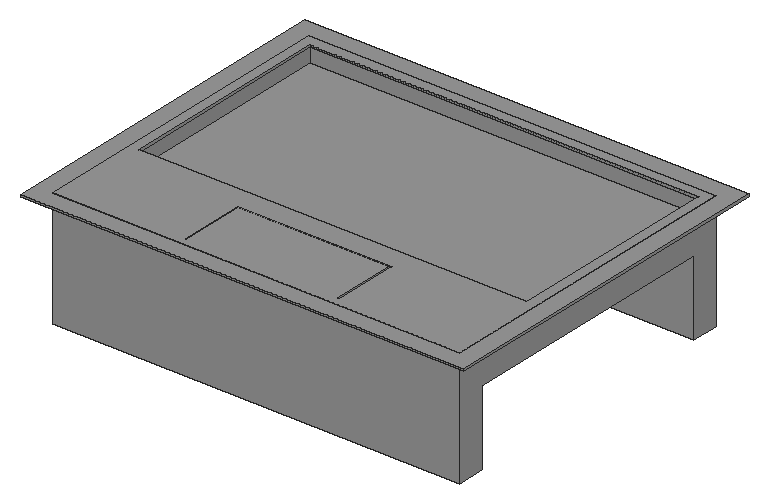
Revit family "Geräteeinsätze GES_Geräteeinsatz_GES6M-2_mit_Griffbügel", category Generic Models, Revit 2015
Parameters (values of type "GES6M-2 10U")
  Width 2 = 220.5 mm
  Width = 274 mm
  URL = "http://www.obo-bettermann.com"
  Snur width = 93 mm
  Material = Stainless Steel, Brushed
  Manufacturer Art. No. = "7405299"
  Manufacturer = "OBO Bettermann"
  Inner cut2 = 17 mm
  Inner cut = 17 mm
  Height = 71 mm
  GTIN = "4012196028733"
  Article Type = "GES6M2-10U"
Reference planes
  plane 1 "Center (Front/Back)": y = 0
  plane 2: z = 0
  plane 3 "Center (Left/Right)": x = 0
  plane 4: z = -71
  plane 5: x = -137
  plane 6: x = 137
  plane 7: y = 109.75
  plane 8: y = -109.75
  plane 9: z = 1.5
  plane 10: y = 98.75
  plane 11: y = -98.75
  plane 12: x = -125.5
  plane 13: x = 125.5
  plane 14: y = -39.75
  plane 15: y = 92.75
  plane 16: x = -120
  plane 17: x = 120
  plane 18: z = -8.5
  plane 19: x = -132.5
  plane 20: x = 132.5
  plane 21: y = -81.75
  plane 22: y = 81.75
  plane 23: z = -24.5
  plane 24: x = -46.5
  plane 25: x = 46.5
  plane 26: y = -54.75
  plane 27: x = -47.5
  plane 28: x = 47.5
  plane 29: y = -93.75
  plane 30: y = -53.75
  plane 31: y = -54.75
Forms (mm)
  Extrusion 1, solid, material "Stainless Steel, Brushed" <- "Material"
    sketch origin (0, 0, 0) x (1, 0, 0) y (0, 1, 0)
      loop
        line (-137, 109.75) -> (-137, -109.75) -> (137, -109.75) -> (137, 109.75) -> (-137, 109.75)
    from 1.5 to 0
  Extrusion 2, solid, material "Stainless Steel, Brushed" <- "Material"
    sketch origin (0, 0, 0) x (1, 0, 0) y (0, 1, 0)
      loop
        line (-125.5, 98.75) -> (-125.5, -98.75) -> (125.5, -98.75) -> (125.5, 98.75) -> (-125.5, 98.75)
    from -71 to 1.5
  Extrusion 3, void
    sketch origin (0, 0, 0) x (1, 0, 0) y (0, 1, 0)
      loop
        line (-120, 92.75) -> (-120, -39.75) -> (120, -39.75) -> (120, 92.75) -> (-120, 92.75)
    from -8.5 to 1.5
  Extrusion 4, void
    sketch origin (0, 0, 0) x (1, 0, 0) y (0, 1, 0)
      loop
        line (132.5, 81.75) -> (-132.5, 81.75) -> (-132.5, -81.75) -> (132.5, -81.75) -> (132.5, 81.75)
    from -71 to -24.5
  Extrusion 5, void
    sketch origin (0, 0, 0) x (1, 0, 0) y (0, 1, 0)
      loop
        line (-47.5, -53.75) -> (-47.5, -93.75) -> (-46.5, -93.75) -> (-46.5, -54.75) -> (46.5, -54.75) -> (46.5, -93.75) -> (47.5, -93.75) -> (47.5, -53.75) -> (-47.5, -53.75)
    from -24.5 to 1.5
Cuts and joins
  Extrusion 3, Extrusion 4, Extrusion 5 cuts Extrusion 1
  Extrusion 3, Extrusion 4, Extrusion 5 cuts Extrusion 2
Lines and regions (mm)
  model lines
    curve 1: line (-137, -109.75, 0) -> (-137, 109.75, 0)
    curve 2: line (-137, 109.75, 0) -> (137, 109.75, 0)
    curve 3: line (137, 109.75, 0) -> (137, -109.75, 0)
    curve 4: line (137, -109.75, 0) -> (-137, -109.75, 0)
    curve 5: line (-125.5, 98.75, 0) -> (125.5, 98.75, 0)
    curve 6: line (125.5, 98.75, 0) -> (125.5, -98.75, 0)
    curve 7: line (125.5, -98.75, 0) -> (-125.5, -98.75, 0)
    curve 8: line (-125.5, -98.75, 0) -> (-125.5, 98.75, 0)
    curve 9: line (-120, 92.75, 0) -> (120, 92.75, 0)
    curve 10: line (120, 92.75, 0) -> (120, -39.75, 0)
    curve 11: line (120, -39.75, 0) -> (-120, -39.75, 0)
    curve 12: line (-120, -39.75, 0) -> (-120, 92.75, 0)
    curve 13: line (-132.5, 81.75, 0) -> (-132.5, -81.75, 0)
    curve 14: line (-132.5, -81.75, 0) -> (132.5, -81.75, 0)
    curve 15: line (132.5, -81.75, 0) -> (132.5, 81.75, 0)
    curve 16: line (132.5, 81.75, 0) -> (-132.5, 81.75, 0)
    curve 17: line (-46.5, -93.75, 0) -> (-46.5, -54.75, 0)
    curve 18: line (-46.5, -54.75, 0) -> (46.5, -54.75, 0)
    curve 19: line (46.5, -54.75, 0) -> (46.5, -93.75, 0)
    curve 20: line (47.5, -93.75, 0) -> (47.5, -53.75, 0)
    curve 21: line (47.5, -53.75, 0) -> (-47.5, -53.75, 0)
    curve 22: line (-47.5, -53.75, 0) -> (-47.5, -93.75, 0)
    curve 23: line (-47.5, -93.75, 0) -> (-46.5, -93.75, 0)
    curve 24: line (46.5, -93.75, 0) -> (47.5, -93.75, 0)
    curve 25: line (0, -81.75, -71) -> (0, -81.75, -24.5)
    curve 26: line (0, -81.75, -24.5) -> (0, 81.75, -24.5)
Dimensions and locks
  "Height": plane 4 to level
  locked: level to plane 9 at 1.5
  locked: plane 18 to plane 9 at 10
  locked: plane 23 to plane 9 at 26
  equal spacing: plane 5, plane 3 "Center (Left/Right)", plane 6
  "Width": plane 5 to plane 6
  equal spacing: plane 12, plane 3 "Center (Left/Right)", plane 13
  locked: plane 12 to plane 13 at 251
  equal spacing: plane 10, plane 1 "Center (Front/Back)", plane 11
  locked: plane 10 to plane 11 at 197.5
  locked: plane 21 to plane 11 at 17
  "Inner cut2": plane 10 to plane 22
  "Inner cut": plane 7 to plane 15
  locked: plane 14 to plane 8 at 70
  "Inner cut2": plane 17 to plane 6
  "Inner cut2": plane 5 to plane 16
  "Snur width": plane 24 to plane 25
  equal spacing: plane 24, plane 3 "Center (Left/Right)", plane 25
  locked: plane 27 to plane 24 at 1
  locked: plane 25 to plane 28 at 1
  locked: plane 30 to plane 31 at 1
  locked: plane 30 to plane 29 at 40
  plane 14 to plane 30 = 14 mm
  equal spacing: plane 7, plane 1 "Center (Front/Back)", plane 8
  locked: plane 7 to plane 8 at 219.5
  aligned and locked: level to plane 2
  aligned and locked: plane 5 to curve 1
  aligned and locked: curve 2 to plane 7
  aligned and locked: curve 3 to plane 6
  aligned and locked: plane 8 to curve 4
  aligned and locked: Extrusion 1 sketch curve to curve 2
  aligned and locked: Extrusion 1 sketch curve to curve 3
  aligned and locked: Extrusion 1 sketch curve to curve 4
  aligned and locked: Extrusion 1 sketch curve to curve 1
  aligned and locked: Extrusion 1 to plane 9
  aligned and locked: level to Extrusion 1
  aligned and locked: curve 5 to plane 10
  aligned and locked: curve 6 to plane 13
  aligned and locked: plane 11 to curve 7
  aligned and locked: plane 12 to curve 8
  aligned and locked: Extrusion 2 sketch curve to curve 5
  aligned and locked: Extrusion 2 sketch curve to curve 8
  aligned and locked: Extrusion 2 sketch curve to curve 6
  aligned and locked: Extrusion 2 sketch curve to curve 7
  aligned and locked: Extrusion 2 to plane 4
  aligned and locked: plane 9 to Extrusion 2
  aligned and locked: curve 9 to plane 15
  aligned and locked: curve 10 to plane 17
  aligned and locked: curve 11 to plane 14
  aligned and locked: plane 16 to curve 12
  aligned and locked: Extrusion 3 sketch curve to curve 9
  aligned and locked: Extrusion 3 sketch curve to curve 10
  aligned and locked: Extrusion 3 sketch curve to curve 11
  aligned and locked: Extrusion 3 sketch curve to curve 12
  aligned and locked: Extrusion 3 to plane 18
  aligned and locked: plane 9 to Extrusion 3
  aligned and locked: curve 13 to plane 19
  aligned and locked: curve 14 to plane 21
  aligned and locked: plane 20 to curve 15
  aligned and locked: curve 16 to plane 22
  aligned and locked: Extrusion 4 sketch curve to curve 16
  aligned and locked: Extrusion 4 sketch curve to curve 13
  aligned and locked: Extrusion 4 sketch curve to curve 14
  aligned and locked: Extrusion 4 sketch curve to curve 15
  aligned and locked: Extrusion 4 to plane 4
  aligned and locked: plane 23 to Extrusion 4
  aligned and locked: curve 17 to plane 24
  aligned and locked: curve 18 to plane 26
  aligned and locked: curve 19 to plane 25
  aligned and locked: plane 28 to curve 20
  aligned and locked: curve 22 to plane 27
  aligned and locked: curve 23 to plane 29
  aligned and locked: plane 29 to curve 24
  aligned and locked: Extrusion 5 sketch curve to curve 22
  aligned and locked: Extrusion 5 sketch curve to curve 17
  aligned and locked: Extrusion 5 sketch curve to curve 23
  aligned and locked: Extrusion 5 sketch curve to curve 18
  aligned and locked: Extrusion 5 sketch curve to curve 21
  aligned and locked: Extrusion 5 sketch curve to curve 19
  aligned and locked: Extrusion 5 sketch curve to curve 20
  aligned and locked: Extrusion 5 sketch curve to curve 24
  aligned and locked: Extrusion 5 to cut or joined group of Extrusion 2, Extrusion 3, Extrusion 4, Extrusion 5
  aligned and locked: plane 9 to Extrusion 5
  aligned and locked: plane 30 to curve 21
  aligned and locked: plane 31 to plane 26
  aligned and locked: curve 26 to plane 23
Automatic sketch dimensions
  curve 14 to plane 19 = 0 mm
  Extrusion 5 sketch curve to plane 27 = 0 mm
  curve 25 to plane 4 = 0 mm
  curve 25 to plane 21 = 0 mm
  curve 26 to plane 22 = 0 mm
